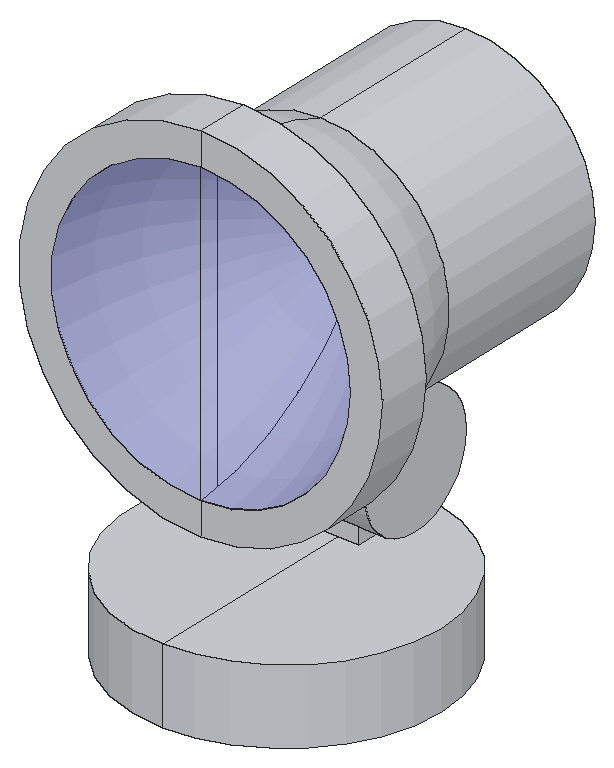
Revit family "77607_HOST_FACE", category Lighting Fixtures, host Face, Revit 2012
Parameters (values of type "Small Scale Floodlights")
  Wattage = 6.93407 W
  built-in parameter 1150110 = 1 (stored number, unit not read)
  URL = "www.bega-us.com"
  built-in parameter 1114217 = 1 (stored number, unit not read)
  Tilt Angle = 90.00°
  built-in parameter 1150109 = 1 (stored number, unit not read)
  built-in parameter 1150134 = 12
  Telephone = "805.684.0533"
  built-in parameter 1150113 = 1 (stored number, unit not read)
  Photometric Web File = "77607.ies"
  Model = "77607"
  Manufacturer = "BEGA-US"
  built-in parameter 1150105 = 81.965 (stored number, unit not read)
  Lumens = 1030 lm
  built-in parameter 1150115 = 1 (stored number, unit not read)
  built-in parameter 1150137 = (empty or 0)
  built-in parameter 1150139 = (empty or 0)
  built-in parameter 1150112 = 1 (stored number, unit not read)
  built-in parameter 1150114 = 1 (stored number, unit not read)
  Lamp = "13W LED"
  built-in parameter 1150132 = 2
  built-in parameter 1150102 = (empty or 0)
  built-in parameter 1150107 = 4000 (stored number, unit not read)
  built-in parameter 1150138 = (empty or 0)
  built-in parameter 1150106 = 0.81965 (stored number, unit not read)
  built-in parameter 1150104 = 13.8 (stored number, unit not read)
  Dimming Lamp Color Temperature Shift = <None>
  Description = "Small scale floodlight - LED"
  Default Elevation = 0' - 0"
  Color Filter = 16777215
  built-in parameter 1114218 = 1 (stored number, unit not read)
  built-in parameter 1150133 = 10 (stored number, unit not read)
Reference planes (in)
  plane 1 "Center (Front/Back)": y = 0
  plane 2: z = 0
  plane 3 "Center (Left/Right)": x = 0
Forms (in)
  Revolve 1, solid
    sketch origin (0, 0, 0) x (0, 1, 0) y (0, 0, 1)
      loop
        line (0, 0) -> (0, 0.875) -> (-1.8125, 0.875) -> (-1.8125, 0) -> (0, 0)
      axis (0, 0) -> (0, 0.875)
    angle from 0 to 360
  Revolve 2, solid
    sketch origin (0, 0, 0) x (0, 1, 0) y (0, 0, 1)
      loop
        line (-1.25, 6) -> (-1.25, 5.625)
        arc (-1.25, 5.625) -> (-0.03038, 5.23745) -> (0.91506, 4.375) r 2.98643
        line (0.91506, 4.375) -> (0.91506, 3.875) -> (2.875, 3.875)
        arc (2.875, 3.875) -> (2.81199, 4.57377) -> (2.625, 5.25) r 3.90625
        line (2.625, 5.25) -> (2.625, 5.375) -> (0.5, 5.375)
        arc (0.5, 5.375) -> (-0.04878, 5.56175) -> (-0.625, 5.625) r 2.65625
        line (-0.625, 5.625) -> (-0.625, 6) -> (-1.25, 6)
      axis (-1.25, 3.875) -> (2.875, 3.875)
    angle from 0 to 360
  Extrusion 3, solid
    sketch origin (0, 0, 0) x (0, 1, 0) y (0, 0, 1)
      loop
        circle (1.25, 1.625) r 0.75
    from -0.5 to 0.5
  Extrusion 4, solid
    sketch origin (0, 0, 0) x (0, 1, 0) y (0, 0, 1)
      loop
        line (1.25, 2.375) -> (0.75, 2.375) -> (0.75, 2.18402) -> (0.75, 0.875) -> (1.75, 0.875) -> (1.75, 2.375) -> (1.25, 2.375)
    from -0.25 to 0.25
  Revolve 5, solid, material "Glass"
    sketch origin (0, 0, 0) x (0, 1, 0) y (0, 0, 1)
      loop
        line (-1.25, 5.625) -> (-1.25, 3.875) -> (-1, 3.875) -> (-1, 5.625) -> (-1.25, 5.625)
      axis (-1, 3.875) -> (-1.25, 3.875)
    angle from 0 to 360
Dimensions and locks (in)
  aligned and locked: plane 2 to host face
  aligned and locked: level to host face
Connectors (in)
  electrical at (0, 0, 0)
    settings: on host face, index 1, voltage 0 V, apparent load 0 VA, apparent load phase1 0 VA, apparent load phase2 0 VA, apparent load phase3 0 VA, power factor 1, load classification "Other", number of poles 1, system type 31, power factor state 1, is connector primary yes, connector utility no, sub classification motor no, connector description ""
